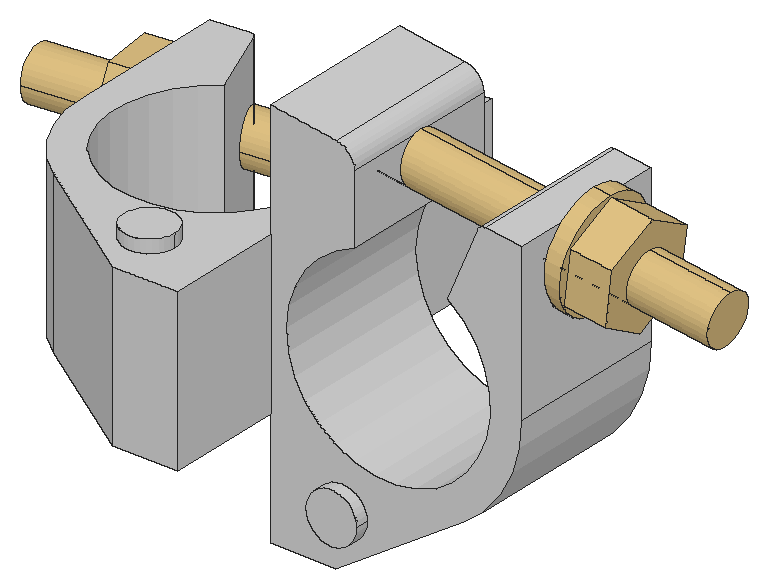
Revit family "RIGHT ANGLE COUPLER 48-48_2125148", category Generic Models, Revit 2018
Family settings
  Can host rebar = No
  Round Connector Dimension = Use Diameter
  Part Type = Normal
  OmniClass Number = 35.51.17.00
  OmniClass Title = SCAFFOLDING SHORING AND FENCING
  Work Plane-Based = Yes
  Always vertical = No
  Cut with Voids When Loaded = No
  Shared = Yes
  Room Calculation Point = No
Parameters
  VERSION = "20170217"  # constant formula
  URL = "www.ulmaconstruction.com/en"
  UNICLASS = ""
  Model = ""
  ITEM_WEIGHT = 1.20 kg
  ITEM_CODE = "2125148"
  Manufacturer = "ULMA CONSTRUCTION"  # constant formula
  FILTER [instance] = ""
  Default Elevation = 0.00 mm
  CLASSIFICATION_TITLE = ""
  CLASSIFICATION_NUMBER = ""
Reference planes
  plane 1 "Centro (Frontal/Posterior)": y = 0
  plane 2: z = 0
  plane 3 "Centro (Izquierda/Derecha)": x = 0
  plane 4 "Plano Tornillo": through (-32.706, 41.119, 1200) normal (0.9925, 0.1219, 0)
  plane 5 "CENTER": x = 55.9
Forms (mm)
  Extrusion 1, solid, material "ULMA ZINC", detail levels fine
    sketch origin (4267.5, -541.261, 182) x (0, -1, 0) y (1, 0, 0)
      loop
        line (-587.399, -4239.4) -> (-585.223, -4254.883)
        arc (-585.223, -4254.883) -> (-583.552, -4257.961) -> (-580.272, -4259.187) r 5
        line (-580.272, -4259.187) -> (-564.043, -4259.187)
        arc (-564.043, -4259.187) -> (-517.353, -4263.79) -> (-560.895, -4281.262) r 24.15
        line (-560.895, -4281.262) -> (-577.903, -4288.134)
        arc (-577.903, -4288.134) -> (-578.877, -4288.973) -> (-579.139, -4290.232) r 2
        line (-579.139, -4290.232) -> (-578.099, -4298.704) -> (-541.261, -4298.704)
        arc (-541.261, -4298.704) -> (-526.385, -4295.208) -> (-514.987, -4285.029) r 31
        line (-514.987, -4285.029) -> (-494.547, -4254.687) -> (-494.547, -4239.4) -> (-587.399, -4239.4)
    from -201 to -163
  Extrusion 2, solid, material "ULMA ZINC", detail levels fine
    sketch origin (4276.082, -541.261, 182) x (0, -1, 0) y (1, 0, 0)
      loop
        circle (-507.261, -4264.782) r 6
    from -163 to -160
  Extrusion 3, solid, material "ULMA ZINC", detail levels fine
    sketch origin (4276.082, -541.261, 141) x (0, -1, 0) y (1, 0, 0)
      loop
        circle (-507.261, -4264.782) r 6
    from -163 to -160
  Extrusion 4, solid, material "ULMA BICHROMATE", detail levels fine
    sketch origin (-27.648, -0.077, 0) x (-0.121869, 0.992546, 0) y (0, 0, 1)
      loop
        line (26.082, 11) -> (19.732, 0) -> (26.082, -11) -> (38.784, -11) -> (45.135, 0) -> (38.784, 11) -> (26.082, 11)
    from -14 to -4
  Extrusion 5, solid, material "ULMA BICHROMATE", detail levels fine
    sketch origin (-27.111, -4.455, 0) x (-0.121869, 0.992546, 0) y (0, 0, 1)
      loop
        circle (33.42, 0) r 13
    from -4 to 0
  Extrusion 6, solid, material "ULMA BICHROMATE", detail levels fine
    sketch origin (-27.508, -1.215, 0) x (-0.121869, 0.992546, 0) y (0, 0, 1)
      loop
        circle (33.579, 0) r 6
    from -33.5 to 46
  Extrusion 7, solid, material "ULMA ZINC", detail levels fine
    sketch origin (28.1, 0, 0) x (1, 0, 0) y (0, 0, 1)
      loop
        line (0, 46.426) -> (0, -46.426) -> (15.287, -46.426) -> (45.629, -25.986)
        arc (45.629, -25.986) -> (55.808, -14.588) -> (59.304, 0.288) r 31
        line (59.304, 0.288) -> (59.304, 37.125) -> (50.832, 38.166)
        arc (50.832, 38.166) -> (49.573, 37.904) -> (48.734, 36.93) r 2
        line (48.734, 36.93) -> (41.862, 19.921)
        arc (41.862, 19.921) -> (24.39, -23.62) -> (19.787, 23.07) r 24.15
        line (19.787, 23.07) -> (19.787, 39.299)
        arc (19.787, 39.299) -> (18.561, 42.579) -> (15.483, 44.25) r 5
        line (15.483, 44.25) -> (0, 46.426)
    from -19 to 19
  Extrusion 8, solid, material "ULMA ZINC", detail levels fine
    sketch origin (27.95, 0, 0) x (1, 0, 0) y (0, 0, 1)
      loop
        circle (16.8, -34) r 6
    from 19 to 22
  Extrusion 9, solid, material "ULMA BICHROMATE", detail levels fine
    sketch origin (83.431, 0.288, -3.188) x (0.121869, 0, 0.992546) y (0, 1, 0)
      loop
        line (26.082, -11) -> (38.784, -11) -> (45.135, 0) -> (38.784, 11) -> (26.082, 11) -> (19.732, 0) -> (26.082, -11)
    from -14 to -4
  Extrusion 10, solid, material "ULMA BICHROMATE", detail levels fine
    sketch origin (83.311, 0.288, -4.167) x (0.121869, 0, 0.992546) y (0, 1, 0)
      loop
        circle (33.42, 0) r 13
    from -4 to 0
  Extrusion 11, solid, material "ULMA BICHROMATE", detail levels fine
    sketch origin (83.291, 0.288, -4.326) x (0.121869, 0, 0.992546) y (0, 1, 0)
      loop
        circle (33.579, 0) r 6
    from -33.5 to 46
  Extrusion 12, solid, material "ULMA ZINC", detail levels fine
    sketch origin (27.95, 0, 0) x (1, 0, 0) y (0, 0, 1)
      loop
        circle (16.8, -34) r 6
    from -22 to -19
Lines and regions (mm)
  model lines, style "ULMA FIXING ITEMS", detail levels medium
    curve 1: circle (0.3, 0, 0) r 27.5 normal (0, 0, 1)
    curve 3: circle (55.9, 0, 0) r 27.5 normal (0, -1, 0)
  reference lines
    curve 2: line (14.3, 34.3, 0) -> (-31.183, 28.715, 0)
Dimensions and locks
  locked: plane 5 "CENTER" to plane 3 "Centro (Izquierda/Derecha)" at 55.9
  aligned and locked: Extrusion 4 to Extrusion 5
  aligned and locked: plane 4 "Plano Tornillo" to Extrusion 5
  aligned and locked: Extrusion 10 to Extrusion 9
  aligned and locked: Extrusion 8 to Extrusion 7
  aligned and locked: Extrusion 12 to Extrusion 7
